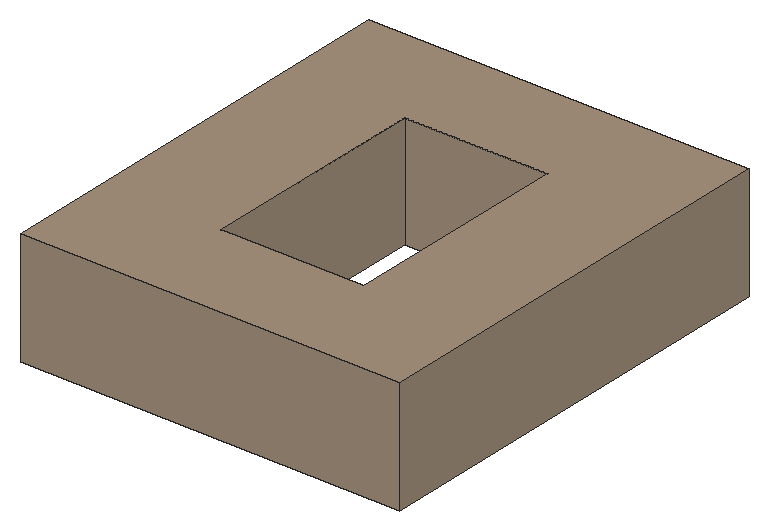
Revit family "SingleElectricBox_NativeCustomStone", category Generic Models, Revit 2013
Parameters
  Warranty Duration (Years) = 50
  URL = "http://www.nativecustomstone.com/"
  Test Data = "http://www.nativecustomstone.com/specs/testing-and-ics-esr-report"
  Specification = "http://www.nativecustomstone.com/specs/3-part-spec"
  Send Message = "http://www.arcat.com/users.pl?action=UserEmail&company=Native+Custom+Stone&coid=48056&rep=152&fax=706-216-5550&mf="
  Sales Information = "http://www.nativecustomstone.com/contact"
  Revision = "R1_10-2012"
  Product Properties = "http://www.nativecustomstone.com/specs/spec-data-sheet"
  Product Data = "http://www.arcat.com/arcatcos/cos48/arc48056.html"
  Model = "As Specified in 04 73 00"
  Material = Native-Custom-Stone_Accessory-Material_Brown-Color
  Manufacturer Website = "www.nativecstone.com"
  Manufacturer Phone - Toll Free = "888-823-0745"
  Manufacturer Phone = "706-216-5545"
  Manufacturer Fax = "706-216-5550"
  Manufacturer Email = "http://www.arcat.com/users.pl?action=UserEmail&company=Native+Custom+Stone&coid=48056&rep=152&fax=706-216-5550&mf="
  Manufacturer Address = "236 Hightower Pkwy. Dawsonville, GA 30534"
  Manufacturer = "Native Custom Stone"
  Maintenance Schedule (Months) = 12
  Keynote = "04 73 00"
  Installation-Fabrication = "http://www.nativecustomstone.com/specs/stone-installation-and-accessory-details"
  Installation Phase = "Masonry Finishes"
  Green Building-LEED = "http://www.nativecustomstone.com/specs/native-custom-stone-for-leeds-projects"
  Drawn By = "Sumex Design, Inc."
  Description = "Single Electric Box as Specified in 04 73 00"
  Default Elevation = 0' - 0"
  Copyright = "©Arcat Inc."
  Construction Details = "http://www.nativecustomstone.com/specs/stone-installation-and-accessory-details"
  Company_ID = 48056
  Assembly Code = "B2010100"
Reference planes (in)
  plane 1 "Center (Front/Back)": y = 0
  plane 2: z = 0
  plane 3 "Center (Left/Right)": x = 0
  plane 4: x = -3.3125
  plane 5: x = 3.3125
  plane 6: y = 3.8125
  plane 7: y = -3.8125
  plane 8: z = 2
Forms (in)
  Extrusion 1, solid, material "Native-Custom-Stone_Accessory-Material_Brown-Color" <- "Material"
    sketch origin (0, 0, 0) x (1, 0, 0) y (0, 1, 0)
      loop
        line (3.3125, 3.8125) -> (-3.3125, 3.8125) -> (-3.3125, -3.8125) -> (3.3125, -3.8125) -> (3.3125, 3.8125)
      loop
        line (-1.25, 2) -> (-1.25, -2) -> (1.25, -2) -> (1.25, 2) -> (-1.25, 2)
    from 0 to 2
Dimensions and locks (in)
  equal spacing: plane 4, plane 3 "Center (Left/Right)", plane 5
  equal spacing: plane 7, plane 1 "Center (Front/Back)", plane 6
  locked: plane 7 to plane 6 at 7.625
  locked: plane 4 to plane 5 at 6.625
  locked: plane 8 to level at 2
  aligned and locked: Extrusion 1 sketch curve to plane 6
  aligned and locked: Extrusion 1 sketch curve to plane 7
  aligned and locked: plane 8 to Extrusion 1
Automatic sketch dimensions
  Extrusion 1 sketch curve to plane 4 = 0' - 0"
  Extrusion 1 sketch curve to plane 5 = 0' - 0"
  Extrusion 1 sketch curve to plane 3 "Center (Left/Right)" = 0' - 1 1/4"
  plane 3 "Center (Left/Right)" to Extrusion 1 sketch curve = 0' - 1 1/4"
  plane 1 "Center (Front/Back)" to Extrusion 1 sketch curve = 0' - 2"
  Extrusion 1 sketch curve to plane 1 "Center (Front/Back)" = 0' - 2"
